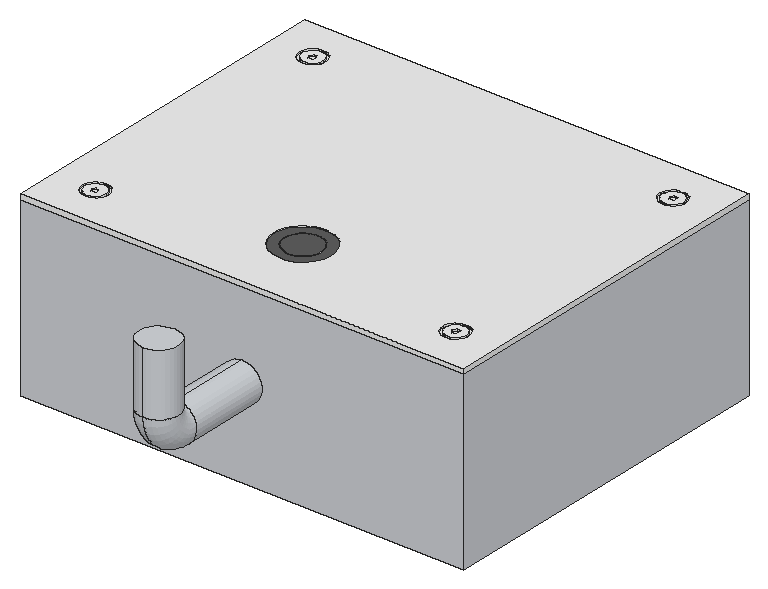
Revit family "Deca_Válvula para mictório embutida acionamento para sensor bivolt_Decalux_2780", category Plumbing Fixtures, host Face, Revit 2019
Family settings
  Host = Face
  Round Connector Dimension = Use Radius
  Part Type = Normal
  Cut with Voids When Loaded = No
  Shared = No
  Room Calculation Point = No
Parameters (values of type "2780.C_Cromado")
  Vazão na Pressão mín. (L/min) = "5 l/min"
  Vazão na Pressão máx. (L/min) = "8 l/min"
  URL = "www.deca.com.br"
  Tipo de rosca de saída = "BSP NBR 8133"
  Tipo de rosca de entrada = "BSP NBR 8133"
  Tipo de mecanismo utilizado = "-"
  Tipo de dispositivo economizador = "Sim"
  Segmento = "Banheiro Médio"
  Saída de Esgoto = "-"
  Raio Água Fria Saída = 7.5 mm  # constant formula
  Raio Água Fria = 7.5 mm  # constant formula
  Pressão mín. funcionamento = "2 MCA"
  Pressão mín. Aquec. Passagem = "-"
  Pressão mín. Aquec. Acúmulo = "-"
  Pressão máx. funcionamento = "40 MCA"
  Peso Líquido (Kg) = 1.4
  Norma = "NBR9050"
  Model = "2780.C"
  Material = Deca_Cromado
  Manufacturer = "Deca"
  Linha = "Decalux"
  Itens de Instalação = "-"
  Informações Complementares = "-"
  HWFU = 0
  Diâmetro Água Fria Saída = 2 * Raio Água Fria Saída  # 15 mm
  Diâmetro Água Fria = 2 * Raio Água Fria  # 15 mm
  Description = "Válvula para mictório embutida acionamento para sensor bivolt"
  Default Elevation = 1150 mm
  Código Pai = "2780"
  Criado por = "quattroD"
  Cores Componente = "-"
  Cor Secundária = "-"
  Cor Principal = "Cromado"
  Cor Interna = "-"
  Consumo = "8 l/min"
  Composição Componente = "-"
  Composição Básica = "Liga de Cobre (bronze e latão),Plásticos de Engenharia,Elastômeros,Eletrônicos"
  Composição Assento = "-"
  Composição Anel Vedação = "-"
  Categoria = "SISTEMAS DE DESCARGA"
  CWFU = 0
  Atendimento ao Cliente = "0800-0117073"
  Assembly Code = ""
  Aprovado por = "quattroD"
  Acompanha o Produto = "Fonte Bivolt"
Reference planes
  plane 1 "Center (Front/Back)": y = -27
  plane 2: z = 0
  plane 3 "Center (Left/Right)": x = 0
  plane 4 "Top 1": y = 68
  plane 5 "Bottom 1": y = -68
  plane 6 "Left 1": x = -85
  plane 7 "Right 1": x = 85
  plane 8 "Front 1": z = 2
  plane 9 "Back 2": z = -66.962
  plane 10 "Back 1": z = -32.462
  plane 11: y = -108
Forms (mm)
  Extrusion 1, solid, material "Deca_Cromado" <- "Material"
    sketch origin (0, 0, 0) x (1, 0, 0) y (0, 1, 0)
      loop
        line (-85, 68) -> (-85, -68) -> (85, -68) -> (85, 68) -> (-85, 68)
    from 0 to 2
  Extrusion 2, solid
    sketch origin (0, 0, 0) x (1, 0, 0) y (0, 1, 0)
      loop
        line (-85, 68) -> (-85, -68) -> (85, -68) -> (85, 68) -> (-85, 68)
    from -66.962 to 0
  Extrusion 3, void
    sketch origin (0, 0, 0) x (1, 0, 0) y (0, 1, 0)
      loop
        line (-85, 68) -> (-85, -68) -> (85, -68) -> (85, 68) -> (-85, 68)
    from -66.962 to 11.689
  Extrusion 4, void
    sketch origin (0, 0, 0) x (1, 0, 0) y (0, 1, 0)
      loop
        circle (-69, -52) r 4
      loop
        circle (69, -52) r 4
      loop
        circle (69, 52) r 4
      loop
        circle (-69, 52) r 4
      loop
        line (-67.559, -51.999) -> (-68.278, -50.754) -> (-69.717, -50.754) -> (-70.436, -51.999) -> (-69.717, -53.245) -> (-68.278, -53.245) -> (-67.559, -51.999)
      loop
        line (-68.278, 53.245) -> (-69.717, 53.245) -> (-70.436, 51.999) -> (-69.717, 50.754) -> (-68.278, 50.754) -> (-67.559, 51.999) -> (-68.278, 53.245)
      loop
        line (69.717, 53.245) -> (68.278, 53.245) -> (67.559, 51.999) -> (68.278, 50.754) -> (69.717, 50.754) -> (70.436, 51.999) -> (69.717, 53.245)
      loop
        line (69.717, -50.754) -> (68.278, -50.754) -> (67.559, -51.999) -> (68.278, -53.245) -> (69.717, -53.245) -> (70.436, -51.999) -> (69.717, -50.754)
      loop
        circle (69, 52) r 5
      loop
        circle (-69, 52) r 5
      loop
        circle (-69, -52) r 5
      loop
        circle (69, -52) r 5
    from 1.6 to 3.403
  Extrusion 5, void
    sketch origin (0, 0, 0) x (1, 0, 0) y (0, 1, 0)
      loop
        circle (0, -38.986) r 6.996
      loop
        circle (0, -38.986) r 7.166
    from 1.501 to 2
  Extrusion 6, void
    sketch origin (0, 0, 0) x (1, 0, 0) y (0, 1, 0)
      loop
        circle (0, -38.986) r 11.216
    from 1.8 to 2.425
  Sweep 7, solid
    path origin (0, 0, 0) x (0, 1, 0) y (0, 0, 1)
      loop
        line (-68, -32.462) -> (-99.332, -32.462)
        arc (-99.332, -32.462) -> (-105.461, -29.923) -> (-108, -23.793) r 8.668
        line (-108, -23.793) -> (-108, 0)
    profile origin (0, -83.666, -32.462) x (0, 0, -1) y (1, 0, 0)
      loop
        circle (0, 0) r 7.5
Cuts and joins
  Extrusion 4, Extrusion 5, Extrusion 6 cuts Extrusion 1
  Extrusion 4, Extrusion 5, Extrusion 6 cuts Extrusion 2
Lines and regions (mm)
  Masking region 1
    outline origin (0, 0, 0) x (1, 0, 0) y (0, 1, 0)
      loop
        line (85, 68) -> (-85, 68) -> (-85, -68) -> (85, -68) -> (85, 68)
  Masking region 2
    outline origin (-446.552, -419.373, 0) x (1, 0, 0) y (0, 1, 0)
      loop
        line (531.552, 487.373) -> (361.552, 487.373) -> (361.552, 351.373) -> (531.552, 351.373) -> (531.552, 487.373)
  Masking region 3
    outline origin (-626.855, -27, -114.624) x (1, 0, 0) y (0, 0, 1)
      loop
        line (541.855, 116.624) -> (541.855, 114.624) -> (711.855, 114.624) -> (711.855, 116.624) -> (541.855, 116.624)
  Masking region 4
    outline origin (0, -695.31, -588.282) x (0, 1, 0) y (0, 0, 1)
      loop
        line (627.31, 590.282) -> (627.31, 588.282) -> (763.31, 588.282) -> (763.31, 590.282) -> (627.31, 590.282)
  symbolic lines
    curve 1: circle (-69, -52, 0) r 4 normal (0, 0, 1)
    curve 2: line (-69, -49.691, 0) -> (-71, -50.845, 0)
    curve 3: line (-71, -50.845, 0) -> (-71, -53.155, 0)
    curve 4: line (-71, -53.155, 0) -> (-69, -54.309, 0)
    curve 5: line (-69, -54.309, 0) -> (-67, -53.155, 0)
    curve 6: line (-67, -53.155, 0) -> (-67, -50.845, 0)
    curve 7: line (-67, -50.845, 0) -> (-69, -49.691, 0)
    curve 8: circle (69, -52, 0) r 4 normal (0, 0, -1)
    curve 9: line (69, -49.691, 0) -> (71, -50.845, 0)
    curve 10: line (71, -50.845, 0) -> (71, -53.155, 0)
    curve 11: line (71, -53.155, 0) -> (69, -54.309, 0)
    curve 12: line (69, -54.309, 0) -> (67, -53.155, 0)
    curve 13: line (67, -53.155, 0) -> (67, -50.845, 0)
    curve 14: line (67, -50.845, 0) -> (69, -49.691, 0)
    curve 15: circle (69, 52, 0) r 4 normal (0, 0, 1)
    curve 16: line (69, 49.691, 0) -> (71, 50.845, 0)
    curve 17: line (71, 50.845, 0) -> (71, 53.155, 0)
    curve 18: line (71, 53.155, 0) -> (69, 54.309, 0)
    curve 19: line (69, 54.309, 0) -> (67, 53.155, 0)
    curve 20: line (67, 53.155, 0) -> (67, 50.845, 0)
    curve 21: line (67, 50.845, 0) -> (69, 49.691, 0)
    curve 22: circle (-69, 52, 0) r 4 normal (0, 0, -1)
    curve 23: line (-69, 49.691, 0) -> (-71, 50.845, 0)
    curve 24: line (-71, 50.845, 0) -> (-71, 53.155, 0)
    curve 25: line (-71, 53.155, 0) -> (-69, 54.309, 0)
    curve 26: line (-69, 54.309, 0) -> (-67, 53.155, 0)
    curve 27: line (-67, 53.155, 0) -> (-67, 50.845, 0)
    curve 28: line (-67, 50.845, 0) -> (-69, 49.691, 0)
    curve 29: circle (-68.998, -51.999, 0) r 5.001 normal (0, 0, 1)
    curve 30: line (-67.559, -51.999, 0) -> (-68.278, -53.245, 0)
    curve 31: line (-68.278, -53.245, 0) -> (-69.717, -53.245, 0)
    curve 32: line (-69.717, -53.245, 0) -> (-70.436, -51.999, 0)
    curve 33: line (-70.436, -51.999, 0) -> (-69.717, -50.754, 0)
    curve 34: line (-69.717, -50.754, 0) -> (-68.278, -50.754, 0)
    curve 35: line (-68.278, -50.754, 0) -> (-67.559, -51.999, 0)
    curve 36: circle (-68.998, 51.999, 0) r 5.001 normal (0, 0, 1)
    curve 37: line (-69.717, 53.245, 0) -> (-68.278, 53.245, 0)
    curve 38: line (-68.278, 53.245, 0) -> (-67.559, 51.999, 0)
    curve 39: line (-67.559, 51.999, 0) -> (-68.278, 50.754, 0)
    curve 40: line (-68.278, 50.754, 0) -> (-69.717, 50.754, 0)
    curve 41: line (-69.717, 50.754, 0) -> (-70.436, 51.999, 0)
    curve 42: line (-70.436, 51.999, 0) -> (-69.717, 53.245, 0)
    curve 43: circle (68.998, 51.999, 0) r 5.001 normal (0, 0, 1)
    curve 44: line (69.717, 53.245, 0) -> (70.436, 51.999, 0)
    curve 45: line (70.436, 51.999, 0) -> (69.717, 50.754, 0)
    curve 46: line (69.717, 50.754, 0) -> (68.278, 50.754, 0)
    curve 47: line (68.278, 50.754, 0) -> (67.559, 51.999, 0)
    curve 48: line (67.559, 51.999, 0) -> (68.278, 53.245, 0)
    curve 49: line (68.278, 53.245, 0) -> (69.717, 53.245, 0)
    curve 50: circle (68.998, -51.999, 0) r 5.001 normal (0, 0, 1)
    curve 51: line (70.436, -51.999, 0) -> (69.717, -53.245, 0)
    curve 52: line (69.717, -53.245, 0) -> (68.278, -53.245, 0)
    curve 53: line (68.278, -53.245, 0) -> (67.559, -51.999, 0)
    curve 54: line (67.559, -51.999, 0) -> (68.278, -50.754, 0)
    curve 55: line (68.278, -50.754, 0) -> (69.717, -50.754, 0)
    curve 56: line (69.717, -50.754, 0) -> (70.436, -51.999, 0)
    curve 57: circle (0, -38.999, 0) r 11.201 normal (0, 0, 1)
    curve 58: circle (0, -39, 0) r 6.999 normal (0, 0, 1)
    curve 59: line (85, -68, 0) -> (85, 68, 0)
    curve 60: line (85, 68, 0) -> (-85, 68, 0)
    curve 61: line (-85, 68, 0) -> (-85, -68, 0)
    curve 62: line (-85, -68, 0) -> (85, -68, 0)
    curve 63: line (-85, -27, 2) -> (85, -27, 2)
    curve 64: line (-85, -27, 0) -> (-85, -27, 2)
    curve 65: line (85, -27, 0) -> (-85, -27, 0)
    curve 66: line (85, -27, 2) -> (85, -27, 0)
    curve 67: line (0, -68, 2) -> (0, 68, 2)
    curve 68: line (0, 68, 2) -> (0, 68, 0)
    curve 69: line (0, 68, 0) -> (0, -68, 0)
    curve 70: line (0, -68, 0) -> (0, -68, 2)
    curve 71: line (0, -68, -33.481) -> (0, 97, -33.481)
Dimensions and locks
  aligned and locked: host face to plane 2
  aligned and locked: level to host face
Connectors
  piping at (-85, -26.979, -32.458), diameter 15, driven by "Raio Água Fria"
    settings: on Extrusion 2, index 1, connector inside diameter 24", connector length 0 mm, flow factor 0, pipe flow 0 GPM, pressure drop 0.00 psi, fitting loss kfactor 0, connector angle 0.00°, fixture units 0, engagement length 0 mm, angle of deflection 0.00°, flow configuration 3, flow direction 1, fitting loss method 4, system type 20, joint type 0, gender type 0, connector reference index -1, connector utility 0, adjustable connector no, is connector primary yes, connector description ""
  piping at (0, -108, 0), diameter 15, driven by "Raio Água Fria Saída"
    settings: on Sweep 7, index 2, connector inside diameter 24", connector length 0 mm, flow factor 0, pipe flow 0 GPM, pressure drop 0.00 psi, fitting loss kfactor 0, connector angle 0.00°, fixture units 0, engagement length 0 mm, angle of deflection 0.00°, flow configuration 3, flow direction 2, fitting loss method 4, system type 20, joint type 0, gender type 0, connector reference index -1, connector utility 0, adjustable connector no, is connector primary no, connector description ""
